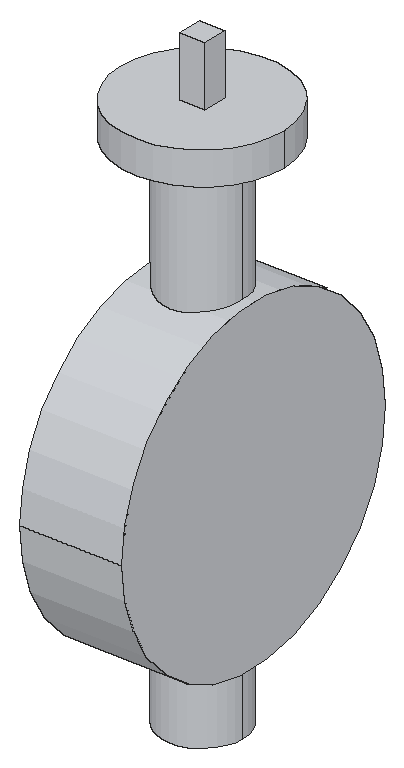
Revit family "HS497-67_disk-litina-volné vřeteno DN125-RFA_2019", category Pipe Accessories, Revit 2019
Family settings
  Round Connector Dimension = Use Diameter
  Part Type = Valve - Breaks Into
  Work Plane-Based = No
  Always vertical = Yes
  Cut with Voids When Loaded = No
  Shared = No
Parameters (values of type "HS 497-67_DN125_PN16_volné vřeteno")
  magiProductId = "0d813d910fc14f628bb3c2efbd185c"
  magiProductFamilyId = "53cea81e6f374d17b8841d9c72ad77"
  magiPartTypeId = 305
  isMeasuringValve [instance] = no
  ang2D [instance] = 0.00°
  X11 = 61.456 mm
  X1 = 25.456 mm
  W2D = 1000 mm
  VersionID = "2.0/2017.9.26.1/ZETKAMA_497_001"
  Use Minimum Symbol Size [instance] = yes
  URL = "http://www.hydronic.cz"
  Type Comments = "mezipřírubová; litinový disk; PN16; -10~+110°C (krátkodobě +120°C)"
  SW30 = no
  SW3 = no
  SW21 = no
  SW20 = no
  SW2 = no
  SW1 = yes
  R = 62.5 mm
  QmdConnectorList = "301;D;302;D"
  Productdata [instance] = ""
  NC = 50 mm
  Model = ""
  Manufacturer = "Hydronic Systems Prague s.r.o."
  MM20 = 25.456 mm
  MC Product Code = "123 125 (litinový disk, s volným vřetenem; DN125; PN16, kvs872)"
  M41 = 66 mm
  M4 = 44 mm
  LHL = 220 mm
  LHH3 = 2.45 mm
  LHH1 = 46.55 mm
  LH1 = 73.333 mm
  L4R__ve = -L4R  # -12.8 mm
  L4R = 12.8 mm
  L42__ve = -L42  # -96 mm
  L42 = 96 mm
  L41__ve = -L41  # -19.2 mm
  L41 = 19.2 mm
  L2D_Min = 3048 mm
  L2D = 216 mm
  L2 = 28 mm
  L1 = 44.8 mm
  L = 56 mm
  H = 33 mm
  G22 = 11.25 mm
  G2 = 22.5 mm
  G1 = 90 mm
  G = 90 mm
  F = 14 mm
  E44 = 31.25 mm
  E42 = 62.5 mm
  E4 = 125 mm
  E23 = 4.9 mm
  E22 = 19.6 mm
  E21 = 9.8 mm
  Description = "Mezipřírubová uzavírací klapka s volným vřetenem; litinový disk, DN125; PN16; kvs872"
  DR2 = 62.5 mm
  DR = 180 mm
  DD1 = 15.625 mm
  DD = 12.5 mm
  D = 125 mm
  CAT0 = yes
  B2__ve = -B2  # -64 mm
  B2 = 64 mm
  A2 = 18 mm
  A1 = 99.5 mm
Types (43, lengths in mm): name | magiProductId | X11 | X1 | Type Comments | SW30 | SW3 | SW20 | SW2 | SW1 | R | NC | MM20 | MC Product Code | M41 | M4 | LHL | LHH3 | LHH1 | LH1 | L4R__ve | L4R | L42__ve | L42 | L41__ve | L41 | L2 | L1 | L | H | G | F | E44 | E42 | E4 | E23 | E22 | E21 | Description | DR2 | DR | DD1 | DD | D | B2__ve | B2 | A2 | A1
  HS 497-67_DN100_PN16_volné vřeteno | "65d1b245f4f142c78569c0602d5754" | 61.456 | 25.456 | "mezipřírubová; litinový disk; PN16; -10~+110°C (krátkodobě +120°C)" | no | no | no | no | yes | 50 | 50 | 25.456 | "123 100 (litinový disk, s volným vřetenem; DN100; PN16, kvs512)" | 66 | 44 | 220 | 2.45 | 46.55 | 73.333 | -12.8 | 12.8 | -96 | 96 | -19.2 | 19.2 | 26 | 41.6 | 52 | 30 | 90 | 11 | 31.25 | 62.5 | 125 | 4.9 | 19.6 | 9.8 | "Mezipřírubová uzavírací klapka s volným vřetenem; litinový disk, DN100; PN16; kvs512" | 50 | 147 | 15.625 | 12.5 | 100 | -56 | 56 | 16.5 | 98.5
  HS 497-67_DN100_PN16_převodové kolo | "11e91b807e674d428c8e796fcdcfe2" | 61.456 | 25.456 | "mezipřírubová; litinový disk; PN16; -10~+110°C (krátkodobě +120°C)" | yes | yes | no | no | no | 50 | 50 | 25.456 | "125 100 (litinový disk, s převodovým kolem; DN100; PN16, kvs512)" | 65.25 | 43.5 | 220 | 2.45 | 46.55 | 73.333 | -12.8 | 12.8 | -96 | 96 | -19.2 | 19.2 | 26 | 41.6 | 52 | 30 | 90 | 11 | 31.25 | 62.5 | 125 | 4.9 | 19.6 | 9.8 | "Mezipřírubová uzavírací klapka s převodovým kolem; litinový disk, DN100; PN16; kvs512" | 50 | 147 | 15.625 | 12.5 | 100 | -56 | 56 | 16.5 | 98.5
  HS 497-67_DN100_PN16_s pákou | "28172f0b3f4b47b28323ac71cf8749" | 61.456 | 25.456 | "mezipřírubová; litinový disk; PN16; -10~+110°C (krátkodobě +120°C)" | no | no | yes | yes | no | 50 | 50 | 25.456 | "120 100 (litinový disk, s pákou; DN100; PN16, kvs512)" | 66 | 44 | 260 | 3 | 57 | 86.667 | -12.8 | 12.8 | -96 | 96 | -19.2 | 19.2 | 26 | 41.6 | 52 | 30 | 90 | 11 | 31.25 | 62.5 | 125 | 6 | 24 | 12 | "Mezipřírubová uzavírací klapka s pákou; litinový disk, DN100; PN16; kvs512" | 50 | 147 | 15.625 | 12.5 | 100 | -56 | 56 | 16.5 | 98.5
  HS 497-67_DN125_PN16_volné vřeteno | "0d813d910fc14f628bb3c2efbd185c" | 61.456 | 25.456 | "mezipřírubová; litinový disk; PN16; -10~+110°C (krátkodobě +120°C)" | no | no | no | no | yes | 62.5 | 50 | 25.456 | "123 125 (litinový disk, s volným vřetenem; DN125; PN16, kvs872)" | 66 | 44 | 220 | 2.45 | 46.55 | 73.333 | -12.8 | 12.8 | -96 | 96 | -19.2 | 19.2 | 28 | 44.8 | 56 | 33 | 90 | 14 | 31.25 | 62.5 | 125 | 4.9 | 19.6 | 9.8 | "Mezipřírubová uzavírací klapka s volným vřetenem; litinový disk, DN125; PN16; kvs872" | 62.5 | 180 | 15.625 | 12.5 | 125 | -64 | 64 | 18 | 99.5
  HS 497-67_DN125_PN16_převodové kolo | "c56b7c13f372467684996fb1e0e229" | 61.456 | 25.456 | "mezipřírubová; litinový disk; PN16; -10~+110°C (krátkodobě +120°C)" | yes | yes | no | no | no | 62.5 | 50 | 25.456 | "125 125 (litinový disk, s převodovým kolem; DN125; PN16, kvs872)" | 65.25 | 43.5 | 220 | 2.45 | 46.55 | 73.333 | -13.5 | 13.5 | -101.25 | 101.25 | -20.25 | 20.25 | 28 | 44.8 | 56 | 33 | 90 | 14 | 40 | 80 | 160 | 4.9 | 19.6 | 9.8 | "Mezipřírubová uzavírací klapka s převodovým kolem; litinový disk, DN125; PN16; kvs872" | 62.5 | 180 | 20 | 16 | 125 | -64 | 64 | 18 | 99.5
  HS 497-67_DN125_PN16_s pákou | "105993c79a91492399feef7931321a" | 61.456 | 25.456 | "mezipřírubová; litinový disk; PN16; -10~+110°C (krátkodobě +120°C)" | no | no | yes | yes | no | 62.5 | 50 | 25.456 | "120 125 (litinový disk, s pákou; DN125; PN16, kvs872)" | 66 | 44 | 315 | 3.75 | 71.25 | 105 | -12.8 | 12.8 | -96 | 96 | -19.2 | 19.2 | 28 | 44.8 | 56 | 33 | 90 | 14 | 31.25 | 62.5 | 125 | 7.5 | 30 | 15 | "Mezipřírubová uzavírací klapka s pákou; litinový disk, DN125; PN16; kvs872" | 62.5 | 180 | 15.625 | 12.5 | 125 | -64 | 64 | 18 | 99.5
  HS 497-67_DN150_PN16_volné vřeteno | "50c80cb8ab434f55ab7796e5ac1331" | 61.456 | 25.456 | "mezipřírubová; litinový disk; PN16; -10~+110°C (krátkodobě +120°C)" | no | no | no | no | yes | 75 | 50 | 25.456 | "123 150 (litinový disk, s volným vřetenem; DN150; PN16, kvs1347)" | 66 | 44 | 220 | 2.45 | 46.55 | 73.333 | -12.8 | 12.8 | -96 | 96 | -19.2 | 19.2 | 28 | 44.8 | 56 | 33 | 90 | 14 | 31.25 | 62.5 | 125 | 4.9 | 19.6 | 9.8 | "Mezipřírubová uzavírací klapka s volným vřetenem; litinový disk, DN150; PN16; kvs1347" | 75 | 206 | 15.625 | 12.5 | 150 | -58 | 58 | 19.3 | 98.7
  HS 497-67_DN150_PN16_převodové kolo | "d94a1a0cf83b476eb10011b327f709" | 61.456 | 25.456 | "mezipřírubová; litinový disk; PN16; -10~+110°C (krátkodobě +120°C)" | yes | yes | no | no | no | 75 | 50 | 25.456 | "125 150 (litinový disk, s převodovým kolem; DN150; PN16, kvs1347)" | 65.25 | 43.5 | 220 | 2.45 | 46.55 | 73.333 | -13.5 | 13.5 | -101.25 | 101.25 | -20.25 | 20.25 | 28 | 44.8 | 56 | 33 | 90 | 14 | 40 | 80 | 160 | 4.9 | 19.6 | 9.8 | "Mezipřírubová uzavírací klapka s převodovým kolem; litinový disk, DN150; PN16; kvs1347" | 75 | 206 | 20 | 16 | 150 | -58 | 58 | 19.3 | 98.7
  HS 497-67_DN150_PN16_s pákou | "4d2835523fe84828bc50ff0a5a0dfb" | 61.456 | 25.456 | "mezipřírubová; litinový disk; PN16; -10~+110°C (krátkodobě +120°C)" | no | no | yes | yes | no | 75 | 50 | 25.456 | "120 150 (litinový disk, s pákou; DN150; PN16, kvs1347)" | 66 | 44 | 315 | 3.75 | 71.25 | 105 | -12.8 | 12.8 | -96 | 96 | -19.2 | 19.2 | 28 | 44.8 | 56 | 33 | 90 | 14 | 31.25 | 62.5 | 125 | 7.5 | 30 | 15 | "Mezipřírubová uzavírací klapka s pákou; litinový disk, DN150; PN16; kvs1347" | 75 | 206 | 15.625 | 12.5 | 150 | -58 | 58 | 19.3 | 98.7
  HS 497-67_DN200_PN16_volné vřeteno | "5b29029eaeba47139ee1055a4b9201" | 61.456 | 25.456 | "mezipřírubová; litinový disk; PN16; -10~+110°C (krátkodobě +120°C)" | no | no | no | no | yes | 100 | 50 | 25.456 | "123 200 (litinový disk, s volným vřetenem; DN200; PN16, kvs2675)" | 66 | 44 | 220 | 2.45 | 46.55 | 73.333 | -12.8 | 12.8 | -96 | 96 | -19.2 | 19.2 | 30 | 48 | 60 | 33 | 90 | 17 | 31.25 | 62.5 | 125 | 4.9 | 19.6 | 9.8 | "Mezipřírubová uzavírací klapka s volným vřetenem; litinový disk, DN200; PN16; kvs2675" | 100 | 257 | 15.625 | 12.5 | 200 | -70 | 70 | 22.5 | 102.5
  HS 497-67_DN200_PN16_převodové kolo | "b2793cc1fcc44cf2a35062cd67c04f" | 61.456 | 25.456 | "mezipřírubová; litinový disk; PN16; -10~+110°C (krátkodobě +120°C)" | yes | yes | no | no | no | 100 | 57 | 25.456 | "125 200 (litinový disk, s převodovým kolem; DN200; PN16, kvs2675)" | 78.75 | 52.5 | 220 | 2.45 | 46.55 | 73.333 | -15.2 | 15.2 | -114 | 114 | -22.8 | 22.8 | 30 | 48 | 60 | 33 | 90 | 17 | 50 | 100 | 200 | 4.9 | 19.6 | 9.8 | "Mezipřírubová uzavírací klapka s převodovým kolem; litinový disk, DN200; PN16; kvs2675" | 100 | 257 | 25 | 20 | 200 | -70 | 70 | 22.5 | 102.5
  HS 497-67_DN200_PN16_s pákou | "f88d96c7af224537a51e72d7d8fffe" | 61.456 | 25.456 | "mezipřírubová; litinový disk; PN16; -10~+110°C (krátkodobě +120°C)" | no | no | yes | yes | no | 100 | 50 | 25.456 | "120 200 (litinový disk, s pákou; DN200; PN16, kvs2675)" | 66 | 44 | 315 | 3.75 | 71.25 | 105 | -12.8 | 12.8 | -96 | 96 | -19.2 | 19.2 | 30 | 48 | 60 | 33 | 90 | 17 | 31.25 | 62.5 | 125 | 7.5 | 30 | 15 | "Mezipřírubová uzavírací klapka s pákou; litinový disk, DN200; PN16; kvs2675" | 100 | 257 | 15.625 | 12.5 | 200 | -70 | 70 | 22.5 | 102.5
  HS 497-67_DN250_PN16_volné vřeteno | "b662e8305ca2402b9c510e66e6aa55" | 88.77 | 36.77 | "mezipřírubová; litinový disk; PN16; -10~+110°C (krátkodobě +120°C)" | no | no | no | no | yes | 125 | 50 | 36.77 | "123 250 (litinový disk, s volným vřetenem; DN250; PN16, kvs4555)" | 66 | 44 | 220 | 2.45 | 46.55 | 73.333 | -12.8 | 12.8 | -96 | 96 | -19.2 | 19.2 | 34 | 54.4 | 68 | 23 | 130 | 22 | 31.25 | 62.5 | 125 | 4.9 | 19.6 | 9.8 | "Mezipřírubová uzavírací klapka s volným vřetenem; litinový disk, DN250; PN16; kvs4555" | 125 | 324 | 15.625 | 12.5 | 250 | -85 | 85 | 28.25 | 129.25
  HS 497-67_DN250_PN16_převodové kolo | "5ee9016806664ddfaa2632711f295c" | 88.77 | 36.77 | "mezipřírubová; litinový disk; PN16; -10~+110°C (krátkodobě +120°C)" | yes | yes | no | no | no | 125 | 70 | 36.77 | "125 250 (litinový disk, s převodovým kolem; DN250; PN16, kvs4555)" | 91.5 | 61 | 220 | 2.45 | 46.55 | 73.333 | -22.2 | 22.2 | -166.5 | 166.5 | -33.3 | 33.3 | 34 | 54.4 | 68 | 23 | 130 | 22 | 62.5 | 125 | 250 | 4.9 | 19.6 | 9.8 | "Mezipřírubová uzavírací klapka s převodovým kolem; litinový disk, DN250; PN16; kvs4555" | 125 | 324 | 31.25 | 25 | 250 | -85 | 85 | 28.25 | 129.25
  HS 497-67_DN300_PN16_volné vřeteno | "e1886f51ff004380a649519258edf2" | 88.77 | 36.77 | "mezipřírubová; litinový disk; PN16; -10~+110°C (krátkodobě +120°C)" | no | no | no | no | yes | 150 | 50 | 36.77 | "123 300 (litinový disk, s volným vřetenem; DN300; PN16, kvs7037)" | 66 | 44 | 220 | 2.45 | 46.55 | 73.333 | -12.8 | 12.8 | -96 | 96 | -19.2 | 19.2 | 39 | 62.4 | 78 | 23 | 130 | 22 | 31.25 | 62.5 | 125 | 4.9 | 19.6 | 9.8 | "Mezipřírubová uzavírací klapka s volným vřetenem; litinový disk, DN300; PN16; kvs7037" | 150 | 376 | 15.625 | 12.5 | 300 | -90 | 90 | 30.8 | 127.2
  HS 497-67_DN300_PN16_převodové kolo | "6860f094f77d42088fbebc3c97f755" | 88.77 | 36.77 | "mezipřírubová; litinový disk; PN16; -10~+110°C (krátkodobě +120°C)" | yes | yes | no | no | no | 150 | 70 | 36.77 | "125 300 (litinový disk, s převodovým kolem; DN300; PN16, kvs7037)" | 91.5 | 61 | 220 | 2.45 | 46.55 | 73.333 | -22.2 | 22.2 | -166.5 | 166.5 | -33.3 | 33.3 | 39 | 62.4 | 78 | 23 | 130 | 22 | 62.5 | 125 | 250 | 4.9 | 19.6 | 9.8 | "Mezipřírubová uzavírací klapka s převodovým kolem; litinový disk, DN300; PN16; kvs7037" | 150 | 376 | 31.25 | 25 | 300 | -90 | 90 | 30.8 | 127.2
  HS 497-67_DN032_PN16_volné vřeteno | "8c5f65de52aa4067a77564107e31b2" | 61.456 | 25.456 | "mezipřírubová; litinový disk; PN16; -10~+110°C (krátkodobě +120°C)" | no | no | no | no | yes | 16 | 50 | 25.456 | "123 032 (litinový disk, s volným vřetenem; DN32; PN16, kvs78)" | 66 | 44 | 220 | 2.45 | 46.55 | 73.333 | -12.8 | 12.8 | -96 | 96 | -19.2 | 19.2 | 16.5 | 26.4 | 33 | 30 | 90 | 11 | 31.25 | 62.5 | 125 | 4.9 | 19.6 | 9.8 | "Mezipřírubová uzavírací klapka s volným vřetenem; litinový disk, DN32; PN16; kvs78" | 16 | 68 | 15.625 | 12.5 | 32 | -44.2 | 44.2 | 10.25 | 76.25
  HS 497-67_DN032_PN16_převodové kolo | "60aaeffa8b3a4e809ef000e4660060" | 61.456 | 25.456 | "mezipřírubová; litinový disk; PN16; -10~+110°C (krátkodobě +120°C)" | yes | yes | no | no | no | 16 | 50 | 25.456 | "125 032 (litinový disk, s převodovým kolem; DN32; PN16, kvs78)" | 65.25 | 43.5 | 220 | 2.45 | 46.55 | 73.333 | -12.8 | 12.8 | -96 | 96 | -19.2 | 19.2 | 16.5 | 26.4 | 33 | 30 | 90 | 11 | 31.25 | 62.5 | 125 | 4.9 | 19.6 | 9.8 | "Mezipřírubová uzavírací klapka s převodovým kolem; litinový disk, DN32; PN16; kvs78" | 16 | 68 | 15.625 | 12.5 | 32 | -44.2 | 44.2 | 10.25 | 76.25
  HS 497-67_DN032_PN16_s pákou | "9ad8088d610749a1b871aa2aad8007" | 61.456 | 25.456 | "mezipřírubová; litinový disk; PN16; -10~+110°C (krátkodobě +120°C)" | no | no | yes | yes | no | 16 | 50 | 25.456 | "120 032 (litinový disk, s pákou; DN32; PN16, kvs78)" | 66 | 44 | 220 | 2.45 | 46.55 | 73.333 | -12.8 | 12.8 | -96 | 96 | -19.2 | 19.2 | 16.5 | 26.4 | 33 | 30 | 90 | 11 | 31.25 | 62.5 | 125 | 4.9 | 19.6 | 9.8 | "Mezipřírubová uzavírací klapka s pákou; litinový disk, DN32; PN16; kvs78" | 16 | 68 | 15.625 | 12.5 | 32 | -44.2 | 44.2 | 10.25 | 76.25
  HS 497-67_DN350_PN10_volné vřeteno | "72a1e05f22944421b7e9596a877137" | 109.255 | 45.255 | "mezipřírubová; litinový disk; PN10; -10~+110°C (krátkodobě +120°C)" | no | no | no | no | yes | 175 | 50 | 45.255 | "123 350 (litinový disk, s volným vřetenem; DN350; PN10, kvs10165)" | 66 | 44 | 220 | 2.45 | 46.55 | 73.333 | -12.8 | 12.8 | -96 | 96 | -19.2 | 19.2 | 39 | 62.4 | 78 | 31 | 160 | 22 | 31.25 | 62.5 | 125 | 4.9 | 19.6 | 9.8 | "Mezipřírubová uzavírací klapka s volným vřetenem; litinový disk, DN350; PN10; kvs10165" | 175 | 430 | 15.625 | 12.5 | 350 | -88 | 88 | 33.85 | 129.65
  HS 497-67_DN350_PN10_převodové kolo | "a5a01426cb28494ba3afca92f1dace" | 109.255 | 45.255 | "mezipřírubová; litinový disk; PN10; -10~+110°C (krátkodobě +120°C)" | yes | yes | no | no | no | 175 | 70 | 45.255 | "125 350 (litinový disk, s převodovým kolem; DN350; PN10, kvs10165)" | 91.5 | 61 | 220 | 2.45 | 46.55 | 73.333 | -22.2 | 22.2 | -166.5 | 166.5 | -33.3 | 33.3 | 39 | 62.4 | 78 | 31 | 160 | 22 | 62.5 | 125 | 250 | 4.9 | 19.6 | 9.8 | "Mezipřírubová uzavírací klapka s převodovým kolem; litinový disk, DN350; PN10; kvs10165" | 175 | 430 | 31.25 | 25 | 350 | -88 | 88 | 33.85 | 129.65
  HS 497-67_DN400_PN10_volné vřeteno | "c70ebeb927c04ab99b176e257ad0a7" | 109.255 | 45.255 | "mezipřírubová; litinový disk; PN10; -10~+110°C (krátkodobě +120°C)" | no | no | no | no | yes | 200 | 50 | 45.255 | "123 400 (litinový disk, s volným vřetenem; DN400; PN10, kvs13799)" | 66 | 44 | 220 | 2.45 | 46.55 | 73.333 | -12.8 | 12.8 | -96 | 96 | -19.2 | 19.2 | 51 | 81.6 | 102 | 31 | 160 | 27 | 31.25 | 62.5 | 125 | 4.9 | 19.6 | 9.8 | "Mezipřírubová uzavírací klapka s volným vřetenem; litinový disk, DN400; PN10; kvs13799" | 200 | 485 | 15.625 | 12.5 | 400 | -108 | 108 | 38 | 142
  HS 497-67_DN400_PN10_převodové kolo | "cc64a4384dcb41b780d81810f4f293" | 109.255 | 45.255 | "mezipřírubová; litinový disk; PN10; -10~+110°C (krátkodobě +120°C)" | yes | yes | no | no | no | 200 | 72.5 | 45.255 | "125 400 (litinový disk, s převodovým kolem; DN400; PN10, kvs13799)" | 103.5 | 69 | 220 | 2.45 | 46.55 | 73.333 | -27.8 | 27.8 | -208.5 | 208.5 | -41.7 | 41.7 | 51 | 81.6 | 102 | 31 | 160 | 27 | 75 | 150 | 300 | 4.9 | 19.6 | 9.8 | "Mezipřírubová uzavírací klapka s převodovým kolem; litinový disk, DN400; PN10; kvs13799" | 200 | 485 | 37.5 | 30 | 400 | -108 | 108 | 38 | 142
  HS 497-67_DN040_PN16_volné vřeteno | "35f92312390745e88df5b5c325d9ee" | 61.456 | 25.456 | "mezipřírubová; litinový disk; PN16; -10~+110°C (krátkodobě +120°C)" | no | no | no | no | yes | 20 | 50 | 25.456 | "123 040 (litinový disk, s volným vřetenem; DN40; PN16, kvs78)" | 66 | 44 | 220 | 2.45 | 46.55 | 73.333 | -12.8 | 12.8 | -96 | 96 | -19.2 | 19.2 | 16.5 | 26.4 | 33 | 30 | 90 | 11 | 31.25 | 62.5 | 125 | 4.9 | 19.6 | 9.8 | "Mezipřírubová uzavírací klapka s volným vřetenem; litinový disk, DN40; PN16; kvs78" | 20 | 76 | 15.625 | 12.5 | 40 | -36 | 36 | 11 | 79
  HS 497-67_DN040_PN16_převodové kolo | "d88e968eae3445bc9b7b4e6ff35127" | 61.456 | 25.456 | "mezipřírubová; litinový disk; PN16; -10~+110°C (krátkodobě +120°C)" | yes | yes | no | no | no | 20 | 50 | 25.456 | "125 040 (litinový disk, s převodovým kolem; DN40; PN16, kvs78)" | 65.25 | 43.5 | 220 | 2.45 | 46.55 | 73.333 | -12.8 | 12.8 | -96 | 96 | -19.2 | 19.2 | 16.5 | 26.4 | 33 | 30 | 90 | 11 | 31.25 | 62.5 | 125 | 4.9 | 19.6 | 9.8 | "Mezipřírubová uzavírací klapka s převodovým kolem; litinový disk, DN40; PN16; kvs78" | 20 | 76 | 15.625 | 12.5 | 40 | -36 | 36 | 11 | 79
  HS 497-67_DN040_PN16_s pákou | "c1b522ca65b4407a98818f232eaacb" | 61.456 | 25.456 | "mezipřírubová; litinový disk; PN16; -10~+110°C (krátkodobě +120°C)" | no | no | yes | yes | no | 20 | 50 | 25.456 | "120 040 (litinový disk, s pákou; DN40; PN16, kvs78)" | 66 | 44 | 220 | 2.45 | 46.55 | 73.333 | -12.8 | 12.8 | -96 | 96 | -19.2 | 19.2 | 16.5 | 26.4 | 33 | 30 | 90 | 11 | 31.25 | 62.5 | 125 | 4.9 | 19.6 | 9.8 | "Mezipřírubová uzavírací klapka s pákou; litinový disk, DN40; PN16; kvs78" | 20 | 76 | 15.625 | 12.5 | 40 | -36 | 36 | 11 | 79
  HS 497-67_DN450_PN10_volné vřeteno | "a8358bc282f14872b3194e530e590a" | 129.74 | 53.74 | "mezipřírubová; litinový disk; PN10; -10~+110°C (krátkodobě +120°C)" | no | no | no | no | yes | 225 | 50 | 53.74 | "123 450 (litinový disk, s volným vřetenem; DN450; PN10, kvs18514)" | 66 | 44 | 220 | 2.45 | 46.55 | 73.333 | -12.8 | 12.8 | -96 | 96 | -19.2 | 19.2 | 57 | 91.2 | 114 | 38 | 190 | 36 | 31.25 | 62.5 | 125 | 4.9 | 19.6 | 9.8 | "Mezipřírubová uzavírací klapka s volným vřetenem; litinový disk, DN450; PN10; kvs18514" | 225 | 536 | 15.625 | 12.5 | 450 | -115 | 115 | 38.05 | 117.45
  HS 497-67_DN450_PN10_převodové kolo | "cdf2d80f54a9414f9cbe50647c0ebd" | 129.74 | 53.74 | "mezipřírubová; litinový disk; PN10; -10~+110°C (krátkodobě +120°C)" | yes | yes | no | no | no | 225 | 91.5 | 53.74 | "125 450 (litinový disk, s převodovým kolem; DN450; PN10, kvs18514)" | 144.75 | 96.5 | 220 | 2.45 | 46.55 | 73.333 | -32.1 | 32.1 | -240.75 | 240.75 | -48.15 | 48.15 | 57 | 91.2 | 114 | 38 | 190 | 36 | 100 | 200 | 400 | 4.9 | 19.6 | 9.8 | "Mezipřírubová uzavírací klapka s převodovým kolem; litinový disk, DN450; PN10; kvs18514" | 225 | 536 | 50 | 40 | 450 | -115 | 115 | 38.05 | 117.45
  HS 497-67_DN500_PN10_volné vřeteno | "8c396e27bb2743f98f3c762b6517cd" | 143.397 | 59.397 | "mezipřírubová; litinový disk; PN10; -10~+110°C (krátkodobě +120°C)" | no | no | no | no | yes | 250 | 50 | 59.397 | "123 500 (litinový disk, s volným vřetenem; DN500; PN10, kvs23805)" | 66 | 44 | 220 | 2.45 | 46.55 | 73.333 | -12.8 | 12.8 | -96 | 96 | -19.2 | 19.2 | 63.5 | 101.6 | 127 | 38 | 210 | 36 | 31.25 | 62.5 | 125 | 4.9 | 19.6 | 9.8 | "Mezipřírubová uzavírací klapka s volným vřetenem; litinový disk, DN500; PN10; kvs23805" | 250 | 593 | 15.625 | 12.5 | 500 | -130 | 130 | 43.25 | 139.25
  HS 497-67_DN500_PN10_převodové kolo | "7647804f32e94cef828a7034a91a46" | 143.397 | 59.397 | "mezipřírubová; litinový disk; PN10; -10~+110°C (krátkodobě +120°C)" | yes | yes | no | no | no | 250 | 91.5 | 59.397 | "125 500 (litinový disk, s převodovým kolem; DN500; PN10, kvs23805)" | 144.75 | 96.5 | 220 | 2.45 | 46.55 | 73.333 | -32.1 | 32.1 | -240.75 | 240.75 | -48.15 | 48.15 | 63.5 | 101.6 | 127 | 38 | 210 | 36 | 100 | 200 | 400 | 4.9 | 19.6 | 9.8 | "Mezipřírubová uzavírací klapka s převodovým kolem; litinový disk, DN500; PN10; kvs23805" | 250 | 593 | 50 | 40 | 500 | -130 | 130 | 43.25 | 139.25
  HS 497-67_DN050_volné vřeteno | "d71f296ecd6d4adf8f6e5d9853b4e0" | 61.456 | 25.456 | "mezipřírubová; litinový disk; PN16; -10~+110°C (krátkodobě +120°C)" | no | no | no | no | yes | 25 | 50 | 25.456 | "123 050 (litinový disk, s volným vřetenem; DN50; PN16, kvs98)" | 66 | 44 | 220 | 2.45 | 46.55 | 73.333 | -12.8 | 12.8 | -96 | 96 | -19.2 | 19.2 | 21.5 | 34.4 | 43 | 30 | 90 | 11 | 31.25 | 62.5 | 125 | 4.9 | 19.6 | 9.8 | "Mezipřírubová uzavírací klapka s volným vřetenem; litinový disk, DN50; PN16; kvs98" | 25 | 100 | 15.625 | 12.5 | 50 | -36.5 | 36.5 | 12 | 83
  HS 497-67_DN050_PN16_převodové kolo | "2fb080deeaed49c58418b94c1da5a4" | 61.456 | 25.456 | "mezipřírubová; litinový disk; PN16; -10~+110°C (krátkodobě +120°C)" | yes | yes | no | no | no | 25 | 50 | 25.456 | "125 050 (litinový disk, s převodovým kolem; DN50; PN16, kvs98)" | 65.25 | 43.5 | 220 | 2.45 | 46.55 | 73.333 | -12.8 | 12.8 | -96 | 96 | -19.2 | 19.2 | 21.5 | 34.4 | 43 | 30 | 90 | 11 | 31.25 | 62.5 | 125 | 4.9 | 19.6 | 9.8 | "Mezipřírubová uzavírací klapka s převodovým kolem; litinový disk, DN50; PN16; kvs98" | 25 | 100 | 15.625 | 12.5 | 50 | -36.5 | 36.5 | 12 | 83
  HS 497-67_DN050_PN16_s pákou | "dabc632061f94877a994b9b4e68112" | 61.456 | 25.456 | "mezipřírubová; litinový disk; PN16; -10~+110°C (krátkodobě +120°C)" | no | no | yes | yes | no | 25 | 50 | 25.456 | "120 050 (litinový disk, s pákou; DN50; PN16, kvs98)" | 66 | 44 | 220 | 2.45 | 46.55 | 73.333 | -12.8 | 12.8 | -96 | 96 | -19.2 | 19.2 | 21.5 | 34.4 | 43 | 30 | 90 | 11 | 31.25 | 62.5 | 125 | 4.9 | 19.6 | 9.8 | "Mezipřírubová uzavírací klapka s pákou; litinový disk, DN50; PN16; kvs98" | 25 | 100 | 15.625 | 12.5 | 50 | -36.5 | 36.5 | 12 | 83
  HS 497-67_DN600_PN10_volné vřeteno | "99d5892c14664fce81a7c5903f7711" | 143.397 | 59.397 | "mezipřírubová; litinový disk; PN10; -10~+110°C (krátkodobě +120°C)" | no | no | no | no | yes | 300 | 50 | 59.397 | "123 600 (litinový disk, s volným vřetenem; DN600; PN10, kvs36778)" | 66 | 44 | 220 | 2.45 | 46.55 | 73.333 | -12.8 | 12.8 | -96 | 96 | -19.2 | 19.2 | 77 | 123.2 | 154 | 80 | 210 | 60 | 31.25 | 62.5 | 125 | 4.9 | 19.6 | 9.8 | "Mezipřírubová uzavírací klapka s volným vřetenem; litinový disk, DN600; PN10; kvs36788" | 300 | 690 | 15.625 | 12.5 | 600 | -140 | 140 | 49.4 | 144.6
  HS 497-67_DN600_PN10_převodové kolo | "b1e26faab48a4c499f6bb11e7e3002" | 143.397 | 59.397 | "mezipřírubová; litinový disk; PN10; -10~+110°C (krátkodobě +120°C)" | yes | yes | no | no | no | 300 | 140 | 59.397 | "125 600 (litinový disk, s převodovým kolem; DN600; PN10, kvs36778)" | 206.25 | 137.5 | 220 | 2.45 | 46.55 | 73.333 | -40.8 | 40.8 | -306 | 306 | -61.2 | 61.2 | 77 | 123.2 | 154 | 80 | 210 | 60 | 125 | 250 | 500 | 4.9 | 19.6 | 9.8 | "Mezipřírubová uzavírací klapka s převodovým kolem; litinový disk, DN600; PN10; kvs36788" | 300 | 690 | 62.5 | 50 | 600 | -140 | 140 | 49.4 | 144.6
  HS 497-67_DN065_PN16_volné vřeteno | "5e5e208646e34ec29f889baab5d08e" | 61.456 | 25.456 | "mezipřírubová; litinový disk; PN16; -10~+110°C (krátkodobě +120°C)" | no | no | no | no | yes | 32.5 | 50 | 25.456 | "123 065 (litinový disk, s volným vřetenem; DN65; PN16, kvs167)" | 66 | 44 | 220 | 2.45 | 46.55 | 73.333 | -12.8 | 12.8 | -96 | 96 | -19.2 | 19.2 | 23 | 36.8 | 46 | 30 | 90 | 11 | 31.25 | 62.5 | 125 | 4.9 | 19.6 | 9.8 | "Mezipřírubová uzavírací klapka s volným vřetenem; litinový disk, DN65; PN16; kv167" | 32.5 | 108 | 15.625 | 12.5 | 65 | -36.5 | 36.5 | 13.5 | 89
  HS 497-67_DN065_PN16_převodové kolo | "654d74c8d15540b0bfe523d988ccb3" | 61.456 | 25.456 | "mezipřírubová; litinový disk; PN16; -10~+110°C (krátkodobě +120°C)" | yes | yes | no | no | no | 32.5 | 50 | 25.456 | "125 065 (litinový disk, s převodovým kolem; DN65; PN16, kvs167)" | 65.25 | 43.5 | 220 | 2.45 | 46.55 | 73.333 | -12.8 | 12.8 | -96 | 96 | -19.2 | 19.2 | 23 | 36.8 | 46 | 30 | 90 | 11 | 31.25 | 62.5 | 125 | 4.9 | 19.6 | 9.8 | "Mezipřírubová uzavírací klapka s převodovým kolem; litinový disk, DN65; PN16; kvs167" | 32.5 | 108 | 15.625 | 12.5 | 65 | -36.5 | 36.5 | 13.5 | 89
  HS 497-67_DN065_PN16_s pákou | "ebeb4b59db0641caaf6d6635ab37b9" | 61.456 | 25.456 | "mezipřírubová; litinový disk; PN16; -10~+110°C (krátkodobě +120°C)" | no | no | yes | yes | no | 32.5 | 50 | 25.456 | "120 065 (litinový disk, s pákou; DN65; PN16, kvs167)" | 66 | 44 | 220 | 2.45 | 46.55 | 73.333 | -12.8 | 12.8 | -96 | 96 | -19.2 | 19.2 | 23 | 36.8 | 46 | 30 | 90 | 11 | 31.25 | 62.5 | 125 | 4.9 | 19.6 | 9.8 | "Mezipřírubová uzavírací klapka s pákou; litinový disk, DN65; PN16; kvs167" | 32.5 | 108 | 15.625 | 12.5 | 65 | -36.5 | 36.5 | 13.5 | 89
  HS 497-67_DN080_PN16_volné vřeteno | "9e85c75c18654e1185a9c48ed6b00e" | 61.456 | 25.456 | "mezipřírubová; litinový disk; PN16; -10~+110°C (krátkodobě +120°C)" | no | no | no | no | yes | 40 | 50 | 25.456 | "123 080 (litinový disk, s volným vřetenem; DN80; PN16, kvs258)" | 66 | 44 | 220 | 2.45 | 46.55 | 73.333 | -12.8 | 12.8 | -96 | 96 | -19.2 | 19.2 | 23 | 36.8 | 46 | 30 | 90 | 11 | 31.25 | 62.5 | 125 | 4.9 | 19.6 | 9.8 | "Mezipřírubová uzavírací klapka s volným vřetenem; litinový disk, DN80; PN16; kvs258" | 40 | 124 | 15.625 | 12.5 | 80 | -54 | 54 | 14.1 | 86.9
  HS 497-67_DN080_PN16_převodové kolo | "5b3c8238c3d041e68c75b199e7ea46" | 61.456 | 25.456 | "mezipřírubová; litinový disk; PN16; -10~+110°C (krátkodobě +120°C)" | yes | yes | no | no | no | 40 | 50 | 25.456 | "125 080 (litinový disk, s převodovým kolem; DN80; PN16, kvs258)" | 65.25 | 43.5 | 220 | 2.45 | 46.55 | 73.333 | -12.8 | 12.8 | -96 | 96 | -19.2 | 19.2 | 23 | 36.8 | 46 | 30 | 90 | 11 | 31.25 | 62.5 | 125 | 4.9 | 19.6 | 9.8 | "Mezipřírubová uzavírací klapka s převodovým kolem; litinový disk, DN80; PN16; kvs258" | 40 | 124 | 15.625 | 12.5 | 80 | -54 | 54 | 14.1 | 86.9
  HS 497-67_DN080_PN16_s pákou | "e414795fab0f4eccb99bc3572c5477" | 61.456 | 25.456 | "mezipřírubová; litinový disk; PN16; -10~+110°C (krátkodobě +120°C)" | no | no | yes | yes | no | 40 | 50 | 25.456 | "120 080 (litinový disk, s pákou; DN80; PN16, kvs258)" | 66 | 44 | 260 | 3 | 57 | 86.667 | -12.8 | 12.8 | -96 | 96 | -19.2 | 19.2 | 23 | 36.8 | 46 | 30 | 90 | 11 | 31.25 | 62.5 | 125 | 6 | 24 | 12 | "Mezipřírubová uzavírací klapka s pákou; litinový disk, DN80; PN16; kvs258" | 40 | 124 | 15.625 | 12.5 | 80 | -54 | 54 | 14.1 | 86.9
  HS 497-67_DN250_PN16_s pákou | "" | 88.77 | 36.77 | "mezipřírubová; litinový disk; PN16; -10~+110°C (krátkodobě +120°C)" | no | no | yes | yes | no | 125 | 70 | 36.77 | "120 250 (litinový disk, s pákou; DN250; PN16, kvs4555)" | 91.5 | 61 | 220 | 2.45 | 46.55 | 73.333 | -22.2 | 22.2 | -166.5 | 166.5 | -33.3 | 33.3 | 34 | 54.4 | 68 | 23 | 130 | 22 | 62.5 | 125 | 250 | 4.9 | 19.6 | 9.8 | "Mezipřírubová uzavírací klapka s pákou; litinový disk, DN250; PN16; kvs4555" | 125 | 324 | 31.25 | 25 | 250 | -85 | 85 | 28.25 | 129.25
  HS 497-67_DN300_PN16_s pákou | "" | 88.77 | 36.77 | "mezipřírubová; litinový disk; PN16; -10~+110°C (krátkodobě +120°C)" | no | no | yes | yes | no | 150 | 70 | 36.77 | "120 300 (litinový disk, s pákou; DN300; PN16, kvs7037)" | 91.5 | 61 | 220 | 2.45 | 46.55 | 73.333 | -22.2 | 22.2 | -166.5 | 166.5 | -33.3 | 33.3 | 39 | 62.4 | 78 | 23 | 130 | 22 | 62.5 | 125 | 250 | 4.9 | 19.6 | 9.8 | "Mezipřírubová uzavírací klapka s pákou; litinový disk, DN300; PN16; kvs7037" | 150 | 376 | 31.25 | 25 | 300 | -90 | 90 | 30.8 | 127.2
Reference planes
  plane 1 "Center (Front/Back)": y = 0
  plane 2 "XYPLANE": z = 0
  plane 3 "Center (Left/Right)": x = 0
  plane 4 "473": x = -25.456
  plane 5 "472": x = -66
  plane 6 "471": y = -25.456
  plane 7 "470": y = 25.456
  plane 8 "469": x = -44
  plane 9 "468": y = -115.2
  plane 10 "467": y = -96
  plane 11 "466": z = 211.25
  plane 12 "465": z = 226.55
  plane 13 "464": y = 145.417
  plane 14 "463": z = 216.75
  plane 15 "462": z = 199.6
  plane 16 "461": z = 209.4
  plane 17 "460": y = 72.083
  plane 18 "459": x = -11.25
  plane 19 "458": x = 11.25
  plane 20 "457": y = -6.25
  plane 21 "456": x = -17.5
  plane 22 "455": x = 17.5
  plane 23 "454": z = 214.3
  plane 24 "453": y = 62.083
  plane 25 "452": y = -11.25
  plane 26 "451": x = -22.5
  plane 27 "450": x = 22.5
  plane 28 "449": z = 194.7
  plane 29 "448": z = 189.8
  plane 30 "447": z = -62.5
  plane 31 "446": z = 180
  plane 32 "445": z = 162
  plane 33 "444": z = 62.5
  plane 34 "443": x = 28
  plane 35 "442": x = -28
  plane 36 "441": z = 0
  plane 37 "440": y = 0
  plane 38 "439": x = 0
  plane 39 "438": z = 229
  plane 40 "437": z = 214.3
  plane 41 "436": x = 13.7
  plane 42 "435": x = -13.7
  plane 43 "434": y = 220
Forms (mm)
  Extrusion 1, solid, visible <- "SW3"
    sketch origin (-750, 0, 180) x (1, 0, 0) y (0, 1, 0)
      loop
        line (684, 25.456) -> (684, -25.456) -> (724.544, -25.456)
        arc (724.544, -25.456) -> (786, 0) -> (724.544, 25.456) r 36
        line (724.544, 25.456) -> (684, 25.456)
    from 0 to 62.5 <- "E42"
  Extrusion 2, solid, visible <- "SW30"
    sketch origin (0, -750, 0) x (0, 1, 0) y (0, 0, 1)
      loop
        circle (750, 211.25) r 7.813
    from 0 to 50 <- "NC"
  Extrusion 3, solid, visible <- "SW30"
    sketch origin (750, -115.2, 0) x (-1, 0, 0) y (0, 0, 1)
      loop
        circle (794, 211.25) r 62.5
    from 0 to -12.8 <- "L4R__ve"
  Extrusion 4, solid, visible <- "SW3"
    sketch origin (750, -96, 0) x (-1, 0, 0) y (0, 0, 1)
      loop
        circle (794, 211.25) r 7.813
    from 0 to -19.2 <- "L41__ve"
  Extrusion 5, solid, visible <- "SW30"
    sketch origin (750, 0, 0) x (-1, 0, 0) y (0, 0, 1)
      loop
        circle (794, 211.25) r 6.25
    from 0 to -96 <- "L42__ve"
  Blend 6, solid, visible <- "SW21"
    base sketch origin (750, 72.083, 0) x (-1, 0, 0) y (0, 0, 1)
      loop
        line (761.25, 209.4) -> (738.75, 209.4) -> (738.75, 199.6) -> (761.25, 199.6) -> (761.25, 209.4)
    top sketch origin (750, 72.083, 0) x (-1, 0, 0) y (0, 0, 1)
      loop
        line (761.25, 226.55) -> (738.75, 226.55) -> (738.75, 216.75) -> (761.25, 216.75) -> (761.25, 226.55)
    from 0 to 73.333
  Blend 7, solid, visible <- "SW21"
    base sketch origin (750, 62.083, 0) x (-1, 0, 0) y (0, 0, 1)
      loop
        line (761.25, 214.3) -> (738.75, 214.3) -> (738.75, 194.7) -> (761.25, 194.7) -> (761.25, 214.3)
    top sketch origin (750, 62.083, 0) x (-1, 0, 0) y (0, 0, 1)
      loop
        line (761.25, 209.4) -> (738.75, 209.4) -> (738.75, 199.6) -> (761.25, 199.6) -> (761.25, 209.4)
    from 0 to 10
  Blend 8, solid, visible <- "SW21"
    base sketch origin (-750, 0, 194.7) x (1, 0, 0) y (0, 1, 0)
      loop
        line (772.5, 62.083) -> (727.5, 62.083) -> (727.5, -11.25)
        arc (727.5, -11.25) -> (750, -31.25) -> (772.5, -11.25) r 22.656
        line (772.5, -11.25) -> (772.5, 62.083)
    top sketch origin (-750, 0, 194.7) x (1, 0, 0) y (0, 1, 0)
      loop
        line (767.5, 62.083) -> (732.5, 62.083) -> (732.5, -6.25)
        arc (732.5, -6.25) -> (750, -26.25) -> (767.5, -6.25) r 17.656
        line (767.5, -6.25) -> (767.5, 62.083)
    from 0 to 19.6
  Extrusion 9, solid, visible <- "SW2"
    sketch origin (-750, 0, 189.8) x (1, 0, 0) y (0, 1, 0)
      loop
        circle (750, 0) r 11.25
    from 0 to 4.9 <- "E23"
  Extrusion 10, solid, visible <- "SW2"
    sketch origin (-750, 0, 180) x (1, 0, 0) y (0, 1, 0)
      loop
        circle (750, 0) r 45
    from 0 to 9.8 <- "E21"
  Extrusion 11, solid, visible <- "CAT0"
    sketch origin (-750, 0, -62.5) x (1, 0, 0) y (0, 1, 0)
      loop
        circle (750, 0) r 22.4
    from 0 to -64 <- "B2__ve"
  Extrusion 12, solid, visible <- "CAT0"
    sketch origin (-750, 0, 162) x (1, 0, 0) y (0, 1, 0)
      loop
        circle (750, 0) r 45
    from 0 to 18 <- "A2"
  Extrusion 13, solid, visible <- "CAT0"
    sketch origin (-750, 0, 62.5) x (1, 0, 0) y (0, 1, 0)
      loop
        circle (750, 0) r 22.4
    from 0 to 99.5 <- "A1"
  Extrusion 14, solid, visible <- "CAT0"
    sketch origin (-28, -750, 0) x (0, 1, 0) y (0, 0, 1)
      loop
        circle (750, 0) r 90
    from 0 to 56 <- "L"
  Extrusion 15, solid, visible <- "SW1"
    sketch origin (-750, 0, 180) x (1, 0, 0) y (0, 1, 0)
      loop
        line (757, 7) -> (743, 7) -> (743, -7) -> (757, -7) -> (757, 7)
    from 0 to 33 <- "H"
  Blend 16, solid, visible <- "SW2"
    base sketch origin (750, 145.417, 0) x (-1, 0, 0) y (0, 0, 1)
      loop
        arc (763.7, 224) -> (762.236, 227.536) -> (758.7, 229) r 5
        line (758.7, 229) -> (741.3, 229)
        arc (741.3, 229) -> (737.764, 227.536) -> (736.3, 224) r 5
        line (736.3, 224) -> (736.3, 219.3)
        arc (736.3, 219.3) -> (737.764, 215.764) -> (741.3, 214.3) r 5
        line (741.3, 214.3) -> (758.7, 214.3)
        arc (758.7, 214.3) -> (762.236, 215.764) -> (763.7, 219.3) r 5
        line (763.7, 219.3) -> (763.7, 224)
    top sketch origin (750, 145.417, 0) x (-1, 0, 0) y (0, 0, 1)
      loop
        arc (763.7, 224) -> (762.236, 227.536) -> (758.7, 229) r 5
        line (758.7, 229) -> (741.3, 229)
        arc (741.3, 229) -> (737.764, 227.536) -> (736.3, 224) r 5
        line (736.3, 224) -> (736.3, 219.3)
        arc (736.3, 219.3) -> (737.764, 215.764) -> (741.3, 214.3) r 5
        line (741.3, 214.3) -> (758.7, 214.3)
        arc (758.7, 214.3) -> (762.236, 215.764) -> (763.7, 219.3) r 5
        line (763.7, 219.3) -> (763.7, 224)
    from 0 to 74.583
  Blend 17, solid, visible <- "SW20"
    base sketch origin (750, 145.417, 0) x (-1, 0, 0) y (0, 0, 1)
      loop
        line (763.7, 229) -> (736.3, 229) -> (736.3, 214.3) -> (763.7, 214.3) -> (763.7, 229)
    top sketch origin (750, 145.417, 0) x (-1, 0, 0) y (0, 0, 1)
      loop
        line (761.25, 214.3) -> (738.75, 214.3) -> (738.75, 194.7) -> (761.25, 194.7) -> (761.25, 214.3)
    from 0 to -83.333
  Extrusion 18, solid, visible <- "SW20"
    sketch origin (-750, 0, 194.7) x (1, 0, 0) y (0, 1, 0)
      loop
        line (772.5, 62.083) -> (727.5, 62.083) -> (727.5, -11.25)
        arc (727.5, -11.25) -> (750, -31.25) -> (772.5, -11.25) r 22.656
        line (772.5, -11.25) -> (772.5, 62.083)
    from 0 to 19.6 <- "E22"
  Extrusion 19, solid, not visible
    sketch origin (-28, -750, 0) x (0, 1, 0) y (0, 0, 1)
      loop
        circle (750, 0) r 10
    from 0 to 10
  Extrusion 20, solid, not visible
    sketch origin (28, -750, 0) x (0, 1, 0) y (0, 0, 1)
      loop
        circle (750, 0) r 10
    from 0 to -10
Lines and regions (mm)
  reference lines, not visible
    curve 1: circle (2, 2, 0) r 1 normal (0, 0, 1)
  reference lines
    curve 2: line (-25.456, -25.456, 180) -> (-25.456, 25.456, 180)
    curve 3: line (-17.5, -6.25, 194.7) -> (17.5, -6.25, 194.7)
    curve 4: line (-22.5, -11.25, 194.7) -> (22.5, -11.25, 194.7)
    curve 5: circle (0, 0, 180) r 1 normal (0, 0, 1)
    curve 6: line (-22.5, -11.25, 194.7) -> (22.5, -11.25, 194.7)
Dimensions and locks
  plane 1 "Center (Front/Back)" to curve 1 = 2 mm
  "X1": plane 3 "Center (Left/Right)" to plane 4 "473"
  "M41": plane 3 "Center (Left/Right)" to plane 5 "472"
  "MM20": plane 1 "Center (Front/Back)" to plane 6 "471"
  "MM20": plane 1 "Center (Front/Back)" to plane 7 "470"
  "M4": plane 3 "Center (Left/Right)" to plane 8 "469"
  "L41": plane 10 "467" to plane 9 "468"
  "L42": plane 1 "Center (Front/Back)" to plane 10 "467"
  "E44": plane 31 "446" to plane 11 "466"
  "LHH1": plane 31 "446" to plane 12 "465"
  "LH1": plane 17 "460" to plane 13 "464"
  "E21": plane 12 "465" to plane 14 "463"
  "E21": plane 16 "461" to plane 15 "462"
  "E23": plane 23 "454" to plane 16 "461"
  locked: plane 24 "453" to plane 17 "460" at 10
  "G22": plane 3 "Center (Left/Right)" to plane 18 "459"
  "G22": plane 3 "Center (Left/Right)" to plane 19 "458"
  locked: plane 25 "452" to plane 20 "457" at 5
  locked: plane 26 "451" to plane 21 "456" at 5
  locked: plane 27 "450" to plane 22 "455" at 5
  "E22": plane 28 "449" to plane 23 "454"
  "LH1": plane 25 "452" to plane 24 "453"
  "G22": plane 1 "Center (Front/Back)" to plane 25 "452"
  "G2": plane 3 "Center (Left/Right)" to plane 26 "451"
  "G2": plane 3 "Center (Left/Right)" to plane 27 "450"
  "E23": plane 29 "448" to plane 28 "449"
  "E21": plane 31 "446" to plane 29 "448"
  "R": plane 2 "XYPLANE" to plane 30 "447"
  "A2": plane 32 "445" to plane 31 "446"
  "A1": plane 33 "444" to plane 32 "445"
  "DR2": plane 2 "XYPLANE" to plane 33 "444"
  "L2": plane 3 "Center (Left/Right)" to plane 34 "443"
  "L2": plane 3 "Center (Left/Right)" to plane 35 "442"
  locked: plane 2 "XYPLANE" to plane 36 "441"
  locked: plane 1 "Center (Front/Back)" to plane 37 "440"
  locked: plane 3 "Center (Left/Right)" to plane 38 "439"
  "LHH3": plane 12 "465" to plane 39 "438"
  "LHH3": plane 14 "463" to plane 40 "437"
  "LHH3": plane 19 "458" to plane 41 "436"
  "LHH3": plane 18 "459" to plane 42 "435"
  "LHL": plane 1 "Center (Front/Back)" to plane 43 "434"
  "X11": curve 2 to Extrusion 1 sketch curve
  Extrusion 1 sketch curve to Extrusion 1 sketch curve = 0 mm  (x8)
  Blend 6 sketch curve to Blend 6 sketch curve = 0 mm  (x16)
  Blend 7 sketch curve to Blend 7 sketch curve = 0 mm  (x16)
  Blend 8 sketch curve to Blend 8 sketch curve = 0 mm  (x16)
  equal spacing: Extrusion 15 sketch curve, curve 5, Extrusion 15 sketch curve  (x2)
  "F": Extrusion 15 sketch curve to Extrusion 15 sketch curve  (x2)
  Blend 16 sketch curve to Blend 16 sketch curve = 0 mm  (x32)
  Blend 17 sketch curve to Blend 17 sketch curve = 0 mm  (x16)
  Extrusion 18 sketch curve to Extrusion 18 sketch curve = 0 mm  (x8)
  "DD1": diameter of Extrusion 2 sketch curve
  "E4": diameter of Extrusion 3 sketch curve
  "DD1": diameter of Extrusion 4 sketch curve
  "DD": diameter of Extrusion 5 sketch curve
  "G2": diameter of Extrusion 9 sketch curve
  "G1": diameter of Extrusion 10 sketch curve
  "L1": diameter of Extrusion 11 sketch curve
  "G": diameter of Extrusion 12 sketch curve
  "L1": diameter of Extrusion 13 sketch curve
  "DR": diameter of Extrusion 14 sketch curve
  radius of Blend 16 sketch curve = 5 mm  (x8)
  aligned and locked: level to plane 2 "XYPLANE"
  aligned and locked: Extrusion 1 sketch curve to plane 5 "472"
  aligned and locked: plane 7 "470" to Extrusion 1 sketch curve
  aligned and locked: plane 6 "471" to Extrusion 1 sketch curve
  aligned and locked: plane 5 "472" to Extrusion 1 sketch curve
  aligned and locked: plane 4 "473" to Extrusion 1 sketch curve  (x2)
  aligned and locked: plane 4 "473" to curve 2
  aligned and locked: plane 6 "471" to curve 2
  aligned and locked: plane 7 "470" to curve 2
  aligned and locked: Extrusion 1 sketch curve to plane 7 "470"
  aligned and locked: plane 11 "466" to Extrusion 2 sketch curve
  aligned and locked: plane 37 "440" to Extrusion 2 sketch curve
  aligned and locked: plane 8 "469" to Extrusion 3 sketch curve
  aligned and locked: plane 11 "466" to Extrusion 3 sketch curve
  aligned and locked: plane 8 "469" to Extrusion 4 sketch curve
  aligned and locked: plane 11 "466" to Extrusion 4 sketch curve
  aligned and locked: plane 8 "469" to Extrusion 5 sketch curve
  aligned and locked: plane 11 "466" to Extrusion 5 sketch curve
  aligned and locked: plane 12 "465" to Blend 6 sketch curve  (x2)
  aligned and locked: plane 18 "459" to Blend 6 sketch curve  (x4)
  aligned and locked: plane 19 "458" to Blend 6 sketch curve  (x4)
  aligned and locked: plane 14 "463" to Blend 6 sketch curve  (x2)
  aligned and locked: plane 16 "461" to Blend 6 sketch curve  (x2)
  aligned and locked: plane 15 "462" to Blend 6 sketch curve  (x2)
  aligned and locked: plane 13 "464" to Blend 6
  aligned and locked: plane 16 "461" to Blend 7 sketch curve  (x2)
  aligned and locked: plane 18 "459" to Blend 7 sketch curve  (x4)
  aligned and locked: plane 19 "458" to Blend 7 sketch curve  (x4)
  aligned and locked: plane 15 "462" to Blend 7 sketch curve  (x2)
  aligned and locked: plane 23 "454" to Blend 7 sketch curve  (x2)
  aligned and locked: plane 28 "449" to Blend 7 sketch curve  (x2)
  aligned and locked: plane 17 "460" to Blend 7
  aligned and locked: plane 24 "453" to Blend 8 sketch curve  (x4)
  aligned and locked: plane 22 "455" to Blend 8 sketch curve  (x2)
  aligned and locked: plane 21 "456" to Blend 8 sketch curve
  aligned and locked: plane 20 "457" to Blend 8 sketch curve  (x2)
  aligned and locked: curve 3 to plane 20 "457"
  aligned and locked: plane 21 "456" to curve 3
  aligned and locked: plane 22 "455" to curve 3
  aligned and locked: plane 27 "450" to Blend 8 sketch curve  (x2)
  aligned and locked: plane 26 "451" to Blend 8 sketch curve
  aligned and locked: plane 25 "452" to Blend 8 sketch curve  (x2)
  aligned and locked: curve 4 to plane 25 "452"
  aligned and locked: plane 26 "451" to curve 4
  aligned and locked: plane 27 "450" to curve 4
  aligned and locked: plane 23 "454" to Blend 8
  aligned and locked: plane 37 "440" to Extrusion 9 sketch curve
  aligned and locked: plane 38 "439" to Extrusion 9 sketch curve
  aligned and locked: plane 37 "440" to Extrusion 10 sketch curve
  aligned and locked: plane 38 "439" to Extrusion 10 sketch curve
  aligned and locked: plane 37 "440" to Extrusion 11 sketch curve
  aligned and locked: plane 38 "439" to Extrusion 11 sketch curve
  aligned and locked: plane 37 "440" to Extrusion 12 sketch curve
  aligned and locked: plane 38 "439" to Extrusion 12 sketch curve
  aligned and locked: plane 37 "440" to Extrusion 13 sketch curve
  aligned and locked: plane 38 "439" to Extrusion 13 sketch curve
  aligned and locked: plane 36 "441" to Extrusion 14 sketch curve
  aligned and locked: Extrusion 14 sketch curve to plane 37 "440"
  aligned and locked: plane 37 "440" to curve 5
  aligned and locked: plane 38 "439" to curve 5
  aligned and locked: plane 39 "438" to Blend 16 sketch curve  (x2)
  aligned and locked: plane 41 "436" to Blend 16 sketch curve  (x2)
  aligned and locked: Blend 16 sketch curve to plane 40 "437"  (x2)
  aligned and locked: Blend 16 sketch curve to plane 42 "435"  (x2)
  aligned and locked: plane 43 "434" to Blend 16
  aligned and locked: plane 23 "454" to Blend 17 sketch curve  (x2)
  aligned and locked: plane 18 "459" to Blend 17 sketch curve  (x2)
  aligned and locked: plane 19 "458" to Blend 17 sketch curve  (x2)
  aligned and locked: plane 28 "449" to Blend 17 sketch curve  (x2)
  aligned and locked: plane 39 "438" to Blend 17 sketch curve  (x2)
  aligned and locked: plane 42 "435" to Blend 17 sketch curve  (x2)
  aligned and locked: plane 41 "436" to Blend 17 sketch curve  (x2)
  aligned and locked: plane 40 "437" to Blend 17 sketch curve  (x2)
  aligned and locked: Blend 17 to plane 24 "453"
  aligned and locked: plane 24 "453" to Extrusion 18 sketch curve  (x2)
  aligned and locked: plane 27 "450" to Extrusion 18 sketch curve  (x2)
  aligned and locked: plane 26 "451" to Extrusion 18 sketch curve
  aligned and locked: plane 25 "452" to Extrusion 18 sketch curve  (x2)
  aligned and locked: curve 6 to plane 25 "452"
  aligned and locked: plane 26 "451" to curve 6
  aligned and locked: plane 27 "450" to curve 6
  aligned and locked: plane 36 "441" to Extrusion 19 sketch curve
  aligned and locked: Extrusion 19 sketch curve to plane 37 "440"
  aligned and locked: plane 36 "441" to Extrusion 20 sketch curve
  aligned and locked: Extrusion 20 sketch curve to plane 37 "440"
Automatic sketch dimensions
  Blend 8 sketch curve to plane 20 "457" = 2.344 mm  (x2)
  Extrusion 18 sketch curve to plane 20 "457" = 2.344 mm
  plane 25 "452" to Extrusion 19 sketch curve = 1.25 mm
  plane 25 "452" to Extrusion 20 sketch curve = 1.25 mm
  plane 3 "Center (Left/Right)" to curve 1 = 2 mm
  Extrusion 15 sketch curve to plane 3 "Center (Left/Right)" = 7 mm
  Extrusion 15 sketch curve to plane 20 "457" = 0.75 mm
  radius of curve 5 = 1 mm
  radius of curve 1 = 1 mm
Connectors
  piping at (-28, 0, 0), diameter 125, driven by "D"
    settings: on Extrusion 19, index 1, connector inside diameter 609.6 mm, connector length 0 mm, flow factor 0, pipe flow 0.0 L/s, pressure drop 0.0 Pa, fitting loss kfactor 0, connector angle 0.00°, fixture units 0, engagement length 0 mm, angle of deflection 0.00°, flow configuration 0, flow direction 0, fitting loss method 0, system type 29, joint type 0, gender type 0, connector reference index 2, connector utility 0, adjustable connector no, is connector primary yes, connector description ""
  piping at (28, 0, 0), diameter 125, driven by "D"
    settings: on Extrusion 20, index 2, connector inside diameter 609.6 mm, connector length 0 mm, flow factor 0, pipe flow 0.0 L/s, pressure drop 0.0 Pa, fitting loss kfactor 0, connector angle 0.00°, fixture units 0, engagement length 0 mm, angle of deflection 0.00°, flow configuration 0, flow direction 0, fitting loss method 0, system type 29, joint type 0, gender type 0, connector reference index 1, connector utility 0, adjustable connector no, is connector primary no, connector description ""
